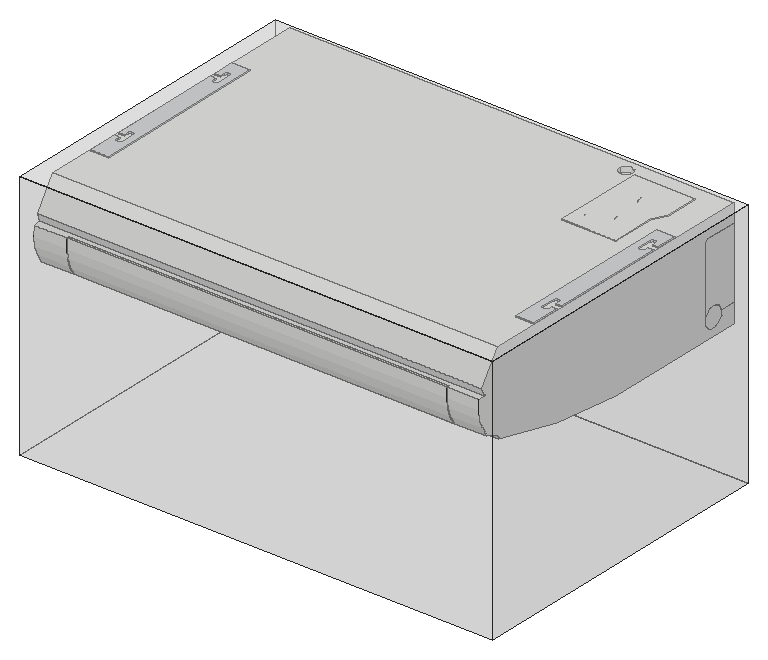
Revit family "outputfile", category 機械設備, Revit 2024
Family settings
  丸型コネクタ寸法 = 半径を使用
  パーツ タイプ = 標準
  OmniClass 番号 = 23.75.10.24.21.27.27
  OmniClass タイトル = Split System Air Conditioning Units
  作業面ベース = いいえ
  常に垂直 = はい
  ロード時にボイドで切り取り = いいえ
  注釈の向きを維持 = いいえ
  共有 = いいえ
  部屋計算ポイント = はい
Parameters (values of type "FHA60BAVMA")
  Description = ""
  製造元 = "Daikin"
  書き出し IFC クラス(タイプ) = "IfcUnitaryEquipmentType"
  定義済み IFC タイプ(タイプ) = "AIRCONDITIONINGUNIT"
  Cost = 0
  モデル = "FHA60BAVMA"
  Type Comments = ""
  Keynote = ""
  Type Image = (empty or 0)
  Assembly Code = ""
  switch_frequency = yes
  r_Liquid Pipe Size = Liquid Pipe Size / 2  # 3.2 mm
  r_Gas Pipe Size = Gas Pipe Size / 2  # 6.35 mm
  r_Drain Pipe Size = Drain Pipe Size / 2  # 10.0 mm
  l_powersupply [instance] = if(Rear Right Connection_powersupply, 29.0 mm, 175.0 mm)  # 29.0 mm
  h_mountinghole = 2.0 mm  # constant formula
  connector_voltage = Voltage_50Hz  # 230 V
  connector_powerinput = [Power Input (Cooling)]  # 1.800 kW
  connector_phase = Phase_50Hz  # 1
  angle_vertical_powersupply [instance] = if(Rear Right Connection_powersupply, 90.00°, 180.00°)  # 90.00°
  angle_vertical_drainpipe [instance] = if(or(Left Connection_drainpipe, Right Connection_drainpipe), 90.00°, if(Top Connection_drainpipe, 180.00°, -90.00°))  # -90.00°
  angle_horizontal_powersupply [instance] = if(Rear Right Connection_powersupply, 180.00°, 0.00°)  # 180.00°
  angle_horizontal_drainpipe [instance] = if(Right Connection_drainpipe, 90.00°, if(Left Connection_drainpipe, -90.00°, 0.00°))  # 0.00°
  Voltage_comment_60Hz = "220-230"
  Voltage_comment_50Hz = "220 - 240"
  Voltage_60Hz = 220 V
  Voltage_50Hz = 230 V
  URL = ""
  Total Heating Capacity [instance] = 0.000 kW
  Top Connection_refrigerant [instance] = no
  Top Connection_powersupply [instance] = not(Rear Right Connection_powersupply)  # no
  Right Connection_refrigerant [instance] = no
  Rear Right Connection_refrigerant [instance] = yes
  Power Input (Heating) = 2.090 kW
  Phase_60Hz = 1
  Phase_50Hz = 1
  Nominal Heating Capacity = 7.100 kW
  Minimum Circuit Amps_60Hz = 0.0 A
  Minimum Circuit Amps_50Hz = 0.0 A
  Maximum Fuse Amps_60Hz = 0.0 A
  Maximum Fuse Amps_50Hz = 0.0 A
  Material_Casing = DAIKIN_White_Casing_indoorunit
  lw_powersupply [instance] = if(Rear Right Connection_powersupply, 220.0 mm, 210.0 mm)  # 220.0 mm
  lw_mountinghole_pitch = Width - 40.0 mm  # 920.0 mm
  lw_mountinghole = 20.0 mm  # constant formula
  lw_liquidpipe [instance] = if(Right Connection_refrigerant, 156.0 mm, if(Top Connection_refrigerant, 156.0 mm, 136.0 mm))  # 136.0 mm
  lw_gaspipe = 105.0 mm  # constant formula
  lw_drainpipe [instance] = if(Top Connection_drainpipe, 102.0 mm, if(Width = 960.0 mm, if(or(Left Connection_drainpipe, Rear Left Connection_drainpipe), 884.0 mm, 83.0 mm), if(Width = 1270.0 mm, if(or(Left Connection_drainpipe, Rear Left Connection_drainpipe), 1194.0 mm, 83.0 mm), if(Width = 1590.0 mm, if(or(Left Connection_drainpipe, Rear Left Connection_drainpipe), 1514.0 mm, 83.0 mm), 83.0 mm))))  # 83.0 mm
  lh_powersupply = 175.0 mm  # constant formula
  lh_liquidpipe [instance] = if(Rear Right Connection_refrigerant, 160.0 mm, 131.0 mm)  # 160.0 mm
  lh_gaspipe [instance] = if(Rear Right Connection_refrigerant, 150.0 mm, 91.0 mm)  # 150.0 mm
  lh_drainpipe = 197.0 mm  # constant formula
  l_antena = 1.0 mm  # constant formula
  ld_powersupply = 30.0 mm  # constant formula
  ld_mountinghole_pitch = 260.0 mm  # constant formula
  ld_mountinghole = 210.0 mm  # constant formula
  ld_liquidpipe [instance] = if(Right Connection_refrigerant, 57.0 mm, if(Top Connection_refrigerant, 189.0 mm, 221.0 mm))  # 221.0 mm
  ld_gaspipe [instance] = if(Right Connection_refrigerant, 57.0 mm, if(Top Connection_refrigerant, 163.0 mm, 214.0 mm))  # 214.0 mm
  ld_drainpipe [instance] = if(or(Left Connection_drainpipe, Right Connection_drainpipe), 57.0 mm, if(Top Connection_drainpipe, 87.0 mm, 268.0 mm))  # 268.0 mm
  l_liquidpipe_length [instance] = if(Right Connection_refrigerant, 156.0 mm, if(Top Connection_refrigerant, 131.0 mm, 220.0 mm))  # 220.0 mm
  l_gaspipe_length [instance] = if(Right Connection_refrigerant, 105.0 mm, if(Top Connection_refrigerant, 91.0 mm, 213.0 mm))  # 213.0 mm
  l_drainpipe_length [instance] = if(Right Connection_drainpipe, 83.0 mm, if(Top Connection_drainpipe, 197.0 mm, if(Left Connection_drainpipe, 76.0 mm, 267.0 mm)))  # 267.0 mm
  h*** = 0.0 mm  # constant formula
  angle_vertical [instance] = if(Right Connection_refrigerant, 90.00°, if(Top Connection_refrigerant, 180.00°, -90.00°))  # -90.00°
  angle_horizontal [instance] = if(Right Connection_refrigerant, 90.00°, 0.00°)  # 0.00°
  Width = 960.0 mm
  Version = "ver.1.0"
  Unit Type = "Ceiling"
  Unit Mass Weight = 25.00 kg
  Unit Designation [instance] = ""
  Uniclass2015Version = "Products v1.30"
  Uniclass2015Title = "Split coil room air conditioning units"
  Uniclass2015Code = "Pr_70_65_03_86"
  Total Cooling Capacity [instance] = 0.000 kW
  Top Connection_drainpipe [instance] = no
  Sound Pressure Level_M speed (dBA) = 35
  Sound Pressure Level_L speed (dBA) = 32
  Sound Pressure Level_H speed (dBA) = 37
  Series = "SkyAir_Fan Coil Unit"
  Sensible Cooling Capacity [instance] = 0.000 kW
  Rear Right Connection_drainpipe [instance] = yes
  Rear Right Connection_powersupply [instance] = yes
  Right Connection_drainpipe [instance] = no
  Refrigerant Type = "R32"
  Power Input (Cooling) = 1.800 kW
  Option Accessory 3 [instance] = ""
  Option Accessory 2 [instance] = ""
  Option Accessory 1 [instance] = ""
  Nominal Cooling Capacity = 6.000 kW
  Minimum Airflow = 600.00 m³/h
  Median Airflow = 720.00 m³/h
  Maximum Airflow = 800.00 m³/h
  Load Classification = HVAC
  Liquid Pipe Size = 6.4 mm
  Link_Nested Family [instance] = ""
  Rear Left Connection_drainpipe [instance] = no
  Left Connection_drainpipe [instance] = no
  IfcVersion = ""
  IfcExportType = "AIRCONDITIONINGUNIT"
  IfcExportAs = "IfcUnitaryEquipmentType"
  Height = 235.0 mm
  Heating Entering Wet Bulb Temperature [instance] = -273.15 °C
  Heating Entering Dry Bulb Temperature [instance] = -273.15 °C
  Heating Ambient Wet Bulb Temperature [instance] = -273.15 °C
  Heating Ambient Dry Bulb Temperature [instance] = -273.15 °C
  Heat Exchanger Type = "Cross Fin Coil"
  Gas Pipe Size = 12.7 mm
  Frequency_60Hz = 60 Hz
  Frequency_50Hz = 50 Hz
  Fan Type = "Sirocco Fan"
  Fan Drive = "-"
  FCU Tag No. [instance] = ""
  Drain Pipe Size = 20.0 mm
  Design Supply Airflow [instance] = 0.00 m³/h
  Design Outdoor Airflow [instance] = 0.00 m³/h
  Depth = 690.0 mm
  既定の高さ = 0.0 mm
  Cooling Entering Wet Bulb Temperature [instance] = 0.00 °C
  Cooling Entering Dry Bulb Temperature [instance] = 0.00 °C
  Cooling Ambient Wet Bulb Temperature [instance] = 0.00 °C
  Cooling Ambient Dry Bulb Temperature [instance] = 0.00 °C
  Clearance visibility [instance] = yes
  Clearance Top = 5.0 mm
  Clearance Right = 30.0 mm
  Clearance Rear = 0.0 mm
  Clearance Left = 30.0 mm
  Clearance Front = 0.0 mm
  Clearance Bottom = 300.0 mm
Reference planes
  plane 1 "Back": y = 0
  plane 2: z = 0
  plane 3 "Center (Left/Right)": x = 0
  plane 4 "Center (Front/Back)": y = -1
  plane 5 "Front": y = -690
  plane 6 "Left": x = -480
  plane 7 "Right": x = 480
  plane 8 "Top": z = 0
  plane 9 "Bottom": z = -235
  plane 10: y = -690
  plane 11: x = -510
  plane 12: x = 510
  plane 13: z = 5
  plane 14: z = -535
  plane 15: y = 0
  plane 16 "lw_mountinghole": x = -460
  plane 17 "lw_mountinghole2": x = 460
  plane 18 "ld_mountinghole": y = -210
  plane 19 "ld_mountinghole2": y = -470
  plane 20 "lw_gaspipe": x = 375
  plane 21 "ld_gaspipe": y = -214
  plane 22 "lh_gaspipe": z = -150
  plane 23 "lw_liquidpipe": x = 344
  plane 24 "ld_liquidpipe": y = -221
  plane 25 "lh_liquidpipe": z = -160
  plane 26 "ld_drainpipe": y = -268
  plane 27 "lw_drainpipe": x = 397
  plane 28 "lh_drainpipe": z = -197
  plane 29 "lw_powersupply": x = 260
  plane 30 "lh_powersupply": z = -175
  plane 31 "ld_powersupply": y = -30
  plane 32: x = -410.5
  plane 33: x = 410.5
  plane 34: x = -435
  plane 35: x = 435
  plane 36: x = -2
  plane 37: x = 2
Forms (mm)
  Extrusion 1, solid, material "DAIKIN_White_Casing_indoorunit" <- "Material_Casing"
    sketch origin (0, 0, 0) x (0, 1, 0) y (0, 0, 1)
      loop
        line (-639.277, 0) -> (-680.876, -61.699) -> (-675.026, -77.772)
        arc (-675.026, -77.772) -> (-681.815, -78.743) -> (-688.601, -79.732) r 2634.132
        arc (-688.601, -79.732) -> (-687.018, -121.096) -> (-669.159, -158.439) r 102.2
        line (-669.159, -158.439) -> (-639.858, -169.325) -> (-635.895, -178.261)
        arc (-635.895, -178.261) -> (-479.121, -215.759) -> (-319.077, -235) r 1400.997
        line (-319.077, -235) -> (-1, -235) -> (-1, 0) -> (-639.277, 0)
    from -480 to 480
  Extrusion 2, solid, material "DAIKIN_White_Casing_indoorunit" <- "Material_Casing"
    sketch origin (0, 0, 0) x (0, 1, 0) y (0, 0, 1)
      loop
        arc (-688.601, -79.732) -> (-687.018, -121.096) -> (-669.159, -158.439) r 102.2
        line (-669.159, -158.439) -> (-665.589, -154.869)
        arc (-665.589, -154.869) -> (-682.432, -118.783) -> (-683.39, -78.971) r 97.2
        arc (-683.39, -78.971) -> (-685.996, -79.351) -> (-688.601, -79.732) r 2634.132
    from -410.5 to 410.5
  Extrusion 3, void
    sketch origin (0, 0, 0) x (0, 1, 0) y (0, 0, 1)
      loop
        line (-301.098, -235) -> (-21.098, -235) -> (-21.098, -230) -> (-301.098, -230) -> (-301.098, -235)
    from -435 to 435
  Extrusion 4, solid, material "DAIKIN_White_Grille_indoorunit"
    sketch origin (0, 0, 0) x (0, 1, 0) y (0, 0, 1)
      loop
        line (-20.098, -230) -> (-301.098, -230) -> (-301.098, -235) -> (-20.098, -235) -> (-20.098, -230)
    from -435 to -2
  Extrusion 5, solid, material "DAIKIN_White_Casing_indoorunit" <- "Material_Casing"
    sketch origin (0, 0, 0) x (1, 0, 0) y (0, 0, 1)
      loop
        line (287, -63) -> (287, -178) -> (358, -220) -> (421, -220) -> (421, -63) -> (287, -63)
    from 0 to 1
  Extrusion 6, solid, material "DAIKIN_White_Casing_indoorunit" <- "Material_Casing"
    sketch origin (0, 0, 0) x (-1, 0, 0) y (0, -1, 0)
      loop
        line (-292, 35) -> (-292, 230) -> (-408, 230) -> (-408, 135) -> (-423, 105) -> (-423, 35) -> (-292, 35)
    from 0 to 1.9
  Extrusion 7, void
    sketch origin (480, 0, 0) x (0, 1, 0) y (0, 0, 1)
      loop
        arc (-79.5, -197) -> (-55.446, -219.446) -> (-34.715, -193.9) r 22.5
        line (-34.715, -193.9) -> (-1, -193.9) -> (-1, -192.1) -> (-35.04, -192.1)
        arc (-35.04, -192.1) -> (-54.942, -174.594) -> (-77.7, -188.182) r 22.5
        line (-77.7, -188.182) -> (-77.7, -45)
        arc (-77.7, -45) -> (-76.528, -42.172) -> (-73.7, -41) r 4
        line (-73.7, -41) -> (-1, -41) -> (-1, -39.2) -> (-73.7, -39.2)
        arc (-73.7, -39.2) -> (-77.801, -40.899) -> (-79.5, -45) r 5.8
        line (-79.5, -45) -> (-79.5, -197)
      loop
        circle (-57, -197) r 20.7
    from 0 to -10
  Extrusion 8, void
    sketch origin (-1444.026, -1, 1200) x (1, 0, 0) y (0, 0, 1)
      loop
        arc (1030.026, -1375) -> (1019.42, -1379.393) -> (1015.026, -1390) r 15
        line (1015.026, -1390) -> (1015.026, -1400)
        arc (1015.026, -1400) -> (1019.42, -1410.607) -> (1030.026, -1415) r 15
        line (1030.026, -1415) -> (1060.026, -1415)
        arc (1060.026, -1415) -> (1070.633, -1410.607) -> (1075.026, -1400) r 15
        line (1075.026, -1400) -> (1075.026, -1390)
        arc (1075.026, -1390) -> (1070.633, -1379.393) -> (1060.026, -1375) r 15
        line (1060.026, -1375) -> (1030.026, -1375)
    from 0 to 10
  Extrusion 9, void
    sketch origin (-480, 0, 0) x (0, 1, 0) y (0, 0, 1)
      loop
        circle (-57, -197) r 22.5
    from 0 to 10
  Extrusion 10, void
    sketch origin (-1444.026, -1, 1200) x (1, 0, 0) y (0, 0, 1)
      loop
        circle (1821.026, -1375) r 44
    from 0 to 10
  Extrusion 11, void
    sketch origin (0, 0, 0) x (-1, 0, 0) y (0, -1, 0)
      loop
        circle (-378, 87) r 30
    from 0 to -10
  Extrusion 12, void
    sketch origin (0, 0, 0) x (-1, 0, 0) y (0, -1, 0)
      loop
        circle (-375, 163) r 18
    from 0 to -10
  Extrusion 13, void
    sketch origin (0, 0, 0) x (-1, 0, 0) y (0, -1, 0)
      loop
        circle (-324, 189) r 13
    from 0 to -10
  Extrusion 14, void
    sketch origin (-1444.026, -1, 1200) x (1, 0, 0) y (0, 0, 1)
      loop
        circle (1704.026, -1375) r 14.5
    from 0 to 10
  Extrusion 15, void
    sketch origin (0, 0, 0) x (-1, 0, 0) y (0, -1, 0)
      loop
        circle (-270, 30) r 14.5
    from 0 to -10
  Extrusion 16, void
    sketch origin (480, 0, 0) x (0, 1, 0) y (0, 0, 1)
      loop
        arc (-665.589, -154.869) -> (-682.432, -118.783) -> (-683.39, -78.971) r 97.2
        arc (-683.39, -78.971) -> (-685.996, -79.351) -> (-688.601, -79.732) r 2634.132
        arc (-688.601, -79.732) -> (-687.018, -121.096) -> (-669.159, -158.439) r 102.2
        line (-669.159, -158.439) -> (-665.589, -154.869)
    from -69.5 to -890.5
  Extrusion 17, solid, material "DAIKIN_White_Casing_indoorunit" <- "Material_Casing"
    sketch origin (-480, 0, 0) x (0, 1, 0) y (0, 0, 1)
      loop
        circle (-57, -197) r 22.5
    from 0 to 10
  Extrusion 18, solid, material "DAIKIN_White_Grille_indoorunit"
    sketch origin (780, 0, 0) x (0, 1, 0) y (0, 0, 1)
      loop
        line (-20.098, -230) -> (-301.098, -230) -> (-301.098, -235) -> (-20.098, -235) -> (-20.098, -230)
    from -782 to -778
  Extrusion 19, solid, material "DAIKIN_White_Grille_indoorunit"
    sketch origin (0, 0, 0) x (0, 1, 0) y (0, 0, -1)
      loop
        line (-20.098, 230) -> (-20.098, 235) -> (-301.098, 235) -> (-301.098, 230) -> (-20.098, 230)
    from -435 to -2
Cuts and joins
  Extrusion 3, Extrusion 7, Extrusion 8, Extrusion 9, Extrusion 10, Extrusion 11, Extrusion 12, Extrusion 13, Extrusion 14, Extrusion 15, Extrusion 16 cuts Extrusion 1
Lines and regions (mm)
  reference lines
    curve 1: line (480, -580.282, -192.75) -> (480, -551.225, -200.21)
Dimensions and locks
  equal spacing: plane 6 "Left", plane 3 "Center (Left/Right)", plane 7 "Right"
  "Width": plane 6 "Left" to plane 7 "Right"
  "Depth": plane 5 "Front" to plane 1 "Back"
  "Height": plane 8 "Top" to plane 9 "Bottom"
  "Clearance Front": plane 10 to plane 5 "Front"
  "Clearance Left": plane 11 to plane 6 "Left"
  "Clearance Right": plane 7 "Right" to plane 12
  "Clearance Top": plane 13 to plane 8 "Top"
  "Clearance Bottom": plane 9 "Bottom" to plane 14
  "Clearance Rear": plane 1 "Back" to plane 15
  locked: plane 4 "Center (Front/Back)" to plane 1 "Back" at 1
  locked: Extrusion 1 sketch curve to Extrusion 1 sketch curve at 235
  locked: Extrusion 1 sketch curve to Extrusion 1 sketch curve at 318.077
  locked: Extrusion 1 sketch curve to Extrusion 1 sketch curve at 1163.297
  locked: Extrusion 1 sketch curve to Extrusion 1 sketch curve at 231.144
  Extrusion 3 sketch curve to Extrusion 3 sketch curve to plane 1 "Back" = 280.0 mm locked, 21.098 mm locked
  "ld_mountinghole": plane 18 "ld_mountinghole" to plane 1 "Back"
  "ld_mountinghole_pitch": plane 18 "ld_mountinghole" to plane 19 "ld_mountinghole2"
  "lw_mountinghole_pitch": plane 16 "lw_mountinghole" to plane 17 "lw_mountinghole2"
  "lw_mountinghole": plane 6 "Left" to plane 16 "lw_mountinghole"
  "lw_gaspipe": plane 20 "lw_gaspipe" to plane 7 "Right"
  "ld_gaspipe": plane 1 "Back" to plane 21 "ld_gaspipe"
  "lw_liquidpipe": plane 23 "lw_liquidpipe" to plane 7 "Right"
  "ld_liquidpipe": plane 1 "Back" to plane 24 "ld_liquidpipe"
  "lw_drainpipe": plane 27 "lw_drainpipe" to plane 7 "Right"
  "ld_drainpipe": plane 26 "ld_drainpipe" to plane 1 "Back"
  plane 8 "Top" to Extrusion 5 sketch curve to Extrusion 5 sketch curve = 63.0 mm locked, 157.0 mm locked
  plane 7 "Right" to Extrusion 5 sketch curve to Extrusion 5 sketch curve = 59.0 mm locked, 134.0 mm locked
  locked: Extrusion 5 sketch curve to Extrusion 5 sketch curve at 115
  locked: Extrusion 5 sketch curve to Extrusion 5 sketch curve at 63
  locked: Extrusion 6 sketch curve to Extrusion 6 sketch curve at 195
  locked: Extrusion 6 sketch curve to Extrusion 6 sketch curve at 116
  locked: Extrusion 6 sketch curve to Extrusion 6 sketch curve at 131
  locked: Extrusion 6 sketch curve to Extrusion 6 sketch curve at 100
  locked: Extrusion 6 sketch curve to plane 1 "Back" at 35
  locked: Extrusion 6 sketch curve to plane 7 "Right" at 57
  locked: Extrusion 8 sketch curve to Extrusion 8 sketch curve at 40
  locked: Extrusion 8 sketch curve to Extrusion 8 sketch curve at 60
  locked: plane 8 "Top" to Extrusion 8 sketch curve at 175
  locked: Extrusion 8 sketch curve to plane 6 "Left" at 51
  locked: plane 7 "Right" to Extrusion 10 sketch curve at 103
  locked: plane 8 "Top" to Extrusion 10 sketch curve at 175
  locked: Extrusion 11 sketch curve to plane 1 "Back" at 87
  locked: Extrusion 11 sketch curve to plane 7 "Right" at 102
  locked: Extrusion 12 sketch curve to plane 1 "Back" at 163
  locked: Extrusion 12 sketch curve to plane 7 "Right" at 105
  locked: Extrusion 13 sketch curve to plane 1 "Back" at 189
  locked: Extrusion 13 sketch curve to plane 7 "Right" at 156
  "lw_powersupply": plane 29 "lw_powersupply" to plane 7 "Right"
  "lh_gaspipe": plane 8 "Top" to plane 22 "lh_gaspipe"
  "lh_liquidpipe": plane 8 "Top" to plane 25 "lh_liquidpipe"
  "lh_powersupply": plane 8 "Top" to plane 30 "lh_powersupply"
  "lh_drainpipe": plane 8 "Top" to plane 28 "lh_drainpipe"
  "ld_powersupply": plane 1 "Back" to plane 31 "ld_powersupply"
  locked: plane 8 "Top" to Extrusion 7 sketch curve at 197
  locked: Extrusion 7 sketch curve to plane 1 "Back" at 57
  plane 9 "Bottom" to Extrusion 7 sketch curve = 41.1 mm
  locked: Extrusion 7 sketch curve to plane 8 "Top" at 41
  locked: Extrusion 7 sketch curve to plane 1 "Back" at 79.5
  locked: Extrusion 9 sketch curve to plane 1 "Back" at 57
  locked: plane 8 "Top" to Extrusion 9 sketch curve at 197
  locked: Extrusion 17 sketch curve to plane 1 "Back" at 57
  locked: plane 8 "Top" to Extrusion 17 sketch curve at 197
  locked: plane 7 "Right" to Extrusion 14 sketch curve at 220
  locked: plane 8 "Top" to Extrusion 14 sketch curve at 175
  locked: Extrusion 15 sketch curve to plane 7 "Right" at 210
  locked: Extrusion 15 sketch curve to plane 1 "Back" at 30
  locked: curve 1 to plane 9 "Bottom" at 34.79
  locked: curve 1 to plane 9 "Bottom" at 42.25
  locked: plane 6 "Left" to plane 32 at 69.5
  locked: plane 33 to plane 7 "Right" at 69.5
  locked: plane 35 to plane 7 "Right" at 45
  locked: plane 6 "Left" to plane 34 at 45
  plane 36 to plane 3 "Center (Left/Right)" to plane 37 = 2.0 mm locked, 2.0 mm locked
  locked: curve 1 to plane 9 "Bottom" (angle 14.40°)
  aligned and locked: level to plane 2
  aligned and locked: nested 1 to plane 11
  aligned and locked: nested 1 to plane 12
  aligned and locked: nested 1 to plane 10
  aligned and locked: plane 13 to nested 1
  aligned and locked: plane 14 to nested 1
  aligned and locked: plane 15 to nested 1
  aligned and locked: Extrusion 1 sketch curve to plane 8 "Top"
  aligned and locked: Extrusion 2 sketch curve to Extrusion 1  (x2)
  aligned and locked: plane 7 "Right" to Extrusion 1
  aligned and locked: Extrusion 1 to plane 6 "Left"
  aligned and locked: cut or joined group 1 (Extrusion 1, Extrusion 3, Extrusion 7, Extrusion 8, Extrusion 9, Extrusion 10, Extrusion 11, Extrusion 12, Extrusion 13, Extrusion 14, Extrusion 15, Extrusion 16) to Extrusion 3 sketch curve
  aligned and locked: cut or joined group 1 to Extrusion 4 sketch curve
  aligned and locked: Extrusion 5 to plane 4 "Center (Front/Back)"
  aligned and locked: Extrusion 7 sketch curve to plane 4 "Center (Front/Back)"
  aligned and locked: Extrusion 16 sketch curve to Extrusion 2  (x4)
  aligned and locked: Extrusion 16 to Extrusion 2  (x2)
  aligned and locked: nested 2 to plane 26 "ld_drainpipe"
  aligned and locked: plane 27 "lw_drainpipe" to nested 2
  aligned and locked: plane 20 "lw_gaspipe" to nested 3
  aligned and locked: nested 3 to plane 21 "ld_gaspipe"
  aligned and locked: plane 23 "lw_liquidpipe" to nested 4
  aligned and locked: nested 4 to plane 24 "ld_liquidpipe"
  aligned and locked: plane 25 "lh_liquidpipe" to nested 4
  aligned and locked: nested 5 to plane 31 "ld_powersupply"
  aligned and locked: plane 29 "lw_powersupply" to nested 5
  aligned and locked: nested 7 to plane 18 "ld_mountinghole"
  aligned and locked: plane 16 "lw_mountinghole" to nested 7
  aligned and locked: nested 6 to plane 19 "ld_mountinghole2"
  aligned and locked: plane 16 "lw_mountinghole" to nested 6
  aligned and locked: nested 9 to plane 18 "ld_mountinghole"
  aligned and locked: plane 17 "lw_mountinghole2" to nested 9
  aligned and locked: plane 17 "lw_mountinghole2" to nested 8
  aligned and locked: nested 8 to plane 19 "ld_mountinghole2"
  aligned and locked: nested 10 to curve 1
  aligned and locked: level to plane 8 "Top"
  aligned and locked: cut or joined group 1 to plane 32
  aligned and locked: plane 33 to cut or joined group 1
  aligned and locked: Extrusion 16 to plane 32
  aligned and locked: plane 33 to Extrusion 16
  aligned and locked: Extrusion 4 to plane 34
  aligned and locked: cut or joined group 1 to plane 34
  aligned and locked: plane 34 to Extrusion 4  (x3)
  aligned and locked: plane 16 "lw_mountinghole" to nested 11
  aligned and locked: plane 17 "lw_mountinghole2" to nested 12
  aligned and locked: plane 36 to Extrusion 4
  aligned and locked: Extrusion 18 to plane 36
  aligned and locked: plane 37 to Extrusion 18
  aligned and locked: Extrusion 19 to plane 37
  aligned and locked: plane 37 to Extrusion 19
  aligned and locked: plane 35 to Extrusion 19
  aligned and locked: plane 35 to Extrusion 3
  aligned and locked: Extrusion 4 to cut or joined group 1
  aligned and locked: cut or joined group 1 to Extrusion 18
  aligned and locked: cut or joined group 1 to Extrusion 19
Automatic sketch dimensions
  Extrusion 1 sketch curve to plane 4 "Center (Front/Back)" = 0.0 mm
  Extrusion 1 sketch curve to plane 5 "Front" = 102.2 mm
  Extrusion 1 sketch curve to plane 30 "lh_powersupply" = 3.261 mm
  Extrusion 1 sketch curve to plane 5 "Front" = 50.723 mm
  plane 30 "lh_powersupply" to Extrusion 1 sketch curve = 5.675 mm
  Extrusion 1 sketch curve to Extrusion 1 sketch curve = 3.963 mm
  plane 25 "lh_liquidpipe" to Extrusion 1 sketch curve = 1.561 mm
  Extrusion 1 sketch curve to plane 5 "Front" = 20.841 mm
  Extrusion 1 sketch curve to plane 5 "Front" = 14.974 mm
  Extrusion 1 sketch curve to plane 5 "Front" = 9.124 mm
  Extrusion 1 sketch curve to plane 26 "ld_drainpipe" = 37.278 mm
  Extrusion 1 sketch curve to plane 14 = 2150.825 mm
  plane 22 "lh_gaspipe" to Extrusion 1 sketch curve = 53.413 mm
  Extrusion 1 sketch curve to level = 77.772 mm
  Extrusion 1 sketch curve to Extrusion 1 sketch curve = 16.072 mm
  Extrusion 2 sketch curve to Extrusion 2 sketch curve = 0.0 mm  (x2)
  plane 25 "lh_liquidpipe" to Extrusion 2 sketch curve = 1.561 mm
  Extrusion 2 sketch curve to plane 22 "lh_gaspipe" = 4.869 mm
  Extrusion 2 sketch curve to Extrusion 2 sketch curve = 3.57 mm
  Extrusion 3 sketch curve to Extrusion 3 sketch curve = 5.0 mm
  plane 31 "ld_powersupply" to Extrusion 4 sketch curve = 9.902 mm
  Extrusion 4 sketch curve to Extrusion 4 sketch curve = 5.0 mm
  Extrusion 6 sketch curve to Extrusion 6 sketch curve = 30.0 mm
  Extrusion 7 sketch curve to Extrusion 7 sketch curve = 0.0 mm  (x6)
  Extrusion 7 sketch curve to plane 4 "Center (Front/Back)" = 0.0 mm
  Extrusion 7 sketch curve to Extrusion 7 sketch curve = 1.8 mm  (x2)
  Extrusion 7 sketch curve to Extrusion 7 sketch curve = 4.0 mm
  Extrusion 7 sketch curve to Extrusion 7 sketch curve = 0.325 mm
  Extrusion 8 sketch curve to plane 32 = 3.5 mm  (x2)
  Extrusion 8 sketch curve to plane 28 "lh_drainpipe" = 3.0 mm
  Extrusion 8 sketch curve to Extrusion 8 sketch curve = 15.0 mm
  curve 1 to plane 5 "Front" = 109.718 mm
  Extrusion 18 sketch curve to plane 9 "Bottom" = 0.0 mm
  plane 9 "Bottom" to Extrusion 18 sketch curve = 5.0 mm
  Extrusion 18 sketch curve to plane 26 "ld_drainpipe" = 33.098 mm
  plane 31 "ld_powersupply" to Extrusion 18 sketch curve = 9.902 mm
  Extrusion 19 sketch curve to plane 9 "Bottom" = 0.0 mm
  plane 9 "Bottom" to Extrusion 19 sketch curve = 5.0 mm
  Extrusion 19 sketch curve to plane 26 "ld_drainpipe" = 33.098 mm
  plane 31 "ld_powersupply" to Extrusion 19 sketch curve = 9.902 mm
  Extrusion 4 sketch curve to plane 26 "ld_drainpipe" = 33.098 mm
  radius of Extrusion 7 sketch curve = 20.7 mm
  radius of Extrusion 9 sketch curve = 22.5 mm
  radius of Extrusion 10 sketch curve = 44.0 mm
  radius of Extrusion 11 sketch curve = 30.0 mm
  radius of Extrusion 12 sketch curve = 18.0 mm
  radius of Extrusion 13 sketch curve = 13.0 mm
  radius of Extrusion 14 sketch curve = 14.5 mm
  radius of Extrusion 15 sketch curve = 14.5 mm
  radius of Extrusion 17 sketch curve = 22.5 mm
Nested families
  nested 1: "daikin_clearancespace" at (0, -345, -264.881), visible <- "Clearance visibility", show <- "Clearance visibility", Link_Nested Family <- "Link_Nested Family", type "daikin_clearancespace"
    with width 1020.0 mm, show yes, height 540.0 mm, depth 690.0 mm, Link_Nested Family ""
  nested 2: "daikin_connector_rotate3" at (397, -268, -197), radius <- "r_Drain Pipe Size", angle_vertical <- "angle_vertical_drainpipe", angle_horizontal <- "angle_horizontal_drainpipe", length <- "l_drainpipe_length", type "daikin_connector_rotate3"
    with show no, radius 10.0 mm, length 267.0 mm, angle_vertical -90.00°, angle_horizontal 0.00°
  nested 3: "daikin_connector_rotate3" at (375, -214, -150), radius <- "r_Gas Pipe Size", angle_vertical <- "angle_vertical", angle_horizontal <- "angle_horizontal", length <- "l_gaspipe_length", type "daikin_connector_rotate3"
    with show no, radius 6.35 mm, length 213.0 mm, angle_vertical -90.00°, angle_horizontal 0.00°
  nested 4: "daikin_connector_rotate3" at (344, -221, -160), radius <- "r_Liquid Pipe Size", angle_vertical <- "angle_vertical", angle_horizontal <- "angle_horizontal", length <- "l_liquidpipe_length", type "daikin_connector_rotate3"
    with show no, radius 3.2 mm, length 220.0 mm, angle_vertical -90.00°, angle_horizontal 0.00°
  nested 5: "daikin_connector_rotate3" at (260, -30, -175), length <- "l_powersupply", angle_vertical <- "angle_vertical_powersupply", angle_horizontal <- "angle_horizontal_powersupply", type "daikin_connector_rotate3"
    with show no, radius 10.0 mm, length 29.0 mm, angle_vertical 90.00°, angle_horizontal 180.00°
  nested 6: "daikin_mountinghole" at (-460, -470, 0), l_antenna <- "l_antena", Link_Nested Family <- "Link_Nested Family", h_mountinghole <- "h_mountinghole", type "daikin_mountinghole"
    with show yes, l_antenna 1.0 mm, h_mountinghole 2.0 mm, Link_Nested Family ""
  nested 7: "daikin_mountinghole" at (-460, -210, 0), l_antenna <- "l_antena", Link_Nested Family <- "Link_Nested Family", h_mountinghole <- "h_mountinghole", type "daikin_mountinghole"
    with show yes, l_antenna 1.0 mm, h_mountinghole 2.0 mm, Link_Nested Family ""
  nested 8: "daikin_mountinghole" at (460, -470, 0), l_antenna <- "l_antena", Link_Nested Family <- "Link_Nested Family", h_mountinghole <- "h_mountinghole", type "daikin_mountinghole"
    with show yes, l_antenna 1.0 mm, h_mountinghole 2.0 mm, Link_Nested Family ""
  nested 9: "daikin_mountinghole" at (460, -210, 0), Link_Nested Family <- "Link_Nested Family", l_antenna <- "l_antena", h_mountinghole <- "h_mountinghole", type "daikin_mountinghole"
    with show yes, l_antenna 1.0 mm, h_mountinghole 2.0 mm, Link_Nested Family ""
  nested 10: "daikin_logo_plane_w40" at (332.963, -559.801, -198.008) x (1, 0, 0) z (0, -0.2487, -0.9686), type "daikin_logo_plane_w40"
    with show_logo yes
  nested 11: "daikin_hangerfixture_FHA-BAVMA" at (-460, 0, 0), type "daikin_hangerfixture_FHA-BAVMA"
    with width 38.0 mm, height 2.0 mm, depth 380.0 mm
  nested 12: "daikin_hangerfixture_FHA-BAVMA" at (460, 0, 0) x (-1, 0, 0) z (0, 0, 1), type "daikin_hangerfixture_FHA-BAVMA"
    with width 38.0 mm, height 2.0 mm, depth 380.0 mm
Connectors
  piping at (397, -1, -197), diameter 20, driven by "r_Drain Pipe Size"
    settings: on nested 2, index 1, connector inside diameter 609.6 mm, connector length 0.0 mm, flow factor 0, pipe flow 0.00 m³/h, pressure drop 0.0 Pa, fitting loss kfactor 0, connector angle 0.00°, fixture units 0, engagement length 0.0 mm, angle of deflection 0.00°, flow configuration 1, flow direction 2, fitting loss method 4, system type 16, joint type 0, gender type 0, connector reference index -1, connector utility 0, adjustable connector no, is connector primary yes, connector description "Condensate Drain Piping"
  piping at (375, -1, -150), diameter 12.7, driven by "r_Gas Pipe Size"
    settings: on nested 3, index 3, connector inside diameter 609.6 mm, connector length 0.0 mm, flow factor 0, pipe flow 0.00 m³/h, pressure drop 0.0 Pa, fitting loss kfactor 0, connector angle 0.00°, fixture units 0, engagement length 0.0 mm, angle of deflection 0.00°, flow configuration 1, flow direction 2, fitting loss method 0, system type 29, joint type 0, gender type 0, connector reference index -1, connector utility 0, adjustable connector no, is connector primary no, connector description "Refrigerant Gas Piping"
  piping at (344, -1, -160), diameter 6.4, driven by "r_Liquid Pipe Size"
    settings: on nested 4, index 4, connector inside diameter 609.6 mm, connector length 0.0 mm, flow factor 0, pipe flow 0.00 m³/h, pressure drop 0.0 Pa, fitting loss kfactor 0, connector angle 0.00°, fixture units 0, engagement length 0.0 mm, angle of deflection 0.00°, flow configuration 1, flow direction 1, fitting loss method 0, system type 29, joint type 0, gender type 0, connector reference index -1, connector utility 0, adjustable connector no, is connector primary no, connector description "Refrigerant Liquid Piping"
  electrical at (260, -1, -175), driven by "Load Classification", driven by "connector_powerinput", driven by "connector_phase", driven by "connector_voltage"
    settings: on nested 5, index 6, voltage 230 V, apparent load 1800 VA, apparent load phase1 0 VA, apparent load phase2 0 VA, apparent load phase3 0 VA, power factor 1, load classification "HVAC", number of poles 1, system type 30, power factor state 1, is connector primary yes, connector utility no, sub classification motor no, connector description "Power Supply"
Definition of nested family "daikin_clearancespace"
  Parameters (values of type "daikin_clearancespace")
    Description = "daikin_clearancespace"
    width [instance] = 1823.963 mm
    show [instance] = yes
    material = none
    height [instance] = 1359.762 mm
    depth [instance] = 880.0 mm
    Default Elevation = 0.0 mm
    Link_Nested Family [instance] = ""
  Reference planes
    plane 1 "Center (Front/Back)": y = 0
    plane 2 "Center (Elevation)": z = -0.119
    plane 3 "Center (Left/Right)": x = 0
    plane 4: y = 440
    plane 5: y = -440
    plane 6 "Right": x = 911.982
    plane 7 "Left": x = -911.982
    plane 8 "Top": z = 679.762
    plane 9 "Bottom": z = -680
  Forms (mm)
    Extrusion 1, solid, material <- "material", visible <- "show"
      sketch origin (0, 0, 0) x (1, 0, 0) y (0, 1, 0)
        loop
          line (-911.982, 440) -> (-911.982, -440) -> (911.982, -440) -> (911.982, 440) -> (-911.982, 440)
      from -680 to 679.762
  Lines and regions (mm)
    symbolic lines, visible <- "show"
      curve 1: line (911.982, 440, 0) -> (-911.982, 440, 0)
      curve 2: line (-911.982, 440, 0) -> (-911.982, -440, 0)
      curve 3: line (-911.982, -440, 0) -> (911.982, -440, 0)
      curve 4: line (911.982, -440, 0) -> (911.982, 440, 0)
      curve 5: line (911.982, 0, 679.762) -> (-911.982, 0, 679.762)
      curve 6: line (911.982, 0, -680) -> (911.982, 0, 679.762)
      curve 7: line (-911.982, 0, -680) -> (911.982, 0, -680)
      curve 8: line (-911.982, 0, 679.762) -> (-911.982, 0, -680)
      curve 9: line (0, 440, 679.762) -> (0, -440, 679.762)
      curve 10: line (0, -440, 679.762) -> (0, -440, -680)
      curve 11: line (0, 440, -680) -> (0, 440, 679.762)
      curve 12: line (0, -440, -680) -> (0, 440, -680)
  Dimensions and locks
    "width": plane 7 "Left" to plane 6 "Right"
    "depth": plane 4 to plane 5
    "height": plane 8 "Top" to plane 9 "Bottom"
    equal spacing: plane 7 "Left", plane 3 "Center (Left/Right)", plane 6 "Right"
    equal spacing: plane 4, plane 1 "Center (Front/Back)", plane 5
    equal spacing: plane 8 "Top", plane 2 "Center (Elevation)", plane 9 "Bottom"
    aligned and locked: level to plane 2 "Center (Elevation)"
    aligned and locked: Extrusion 1 sketch curve to plane 4
    aligned and locked: plane 7 "Left" to Extrusion 1 sketch curve
    aligned and locked: Extrusion 1 sketch curve to plane 5
    aligned and locked: Extrusion 1 sketch curve to plane 6 "Right"
    aligned and locked: plane 8 "Top" to Extrusion 1
    aligned and locked: curve 1 to Extrusion 1
    aligned and locked: curve 2 to Extrusion 1
    aligned and locked: curve 3 to Extrusion 1
    aligned and locked: curve 4 to Extrusion 1
    aligned and locked: curve 5 to Extrusion 1
    aligned and locked: curve 6 to Extrusion 1
    aligned and locked: curve 7 to Extrusion 1
    aligned and locked: curve 8 to Extrusion 1
    aligned and locked: curve 9 to Extrusion 1
    aligned and locked: curve 10 to Extrusion 1
    aligned and locked: curve 11 to Extrusion 1
    aligned and locked: curve 12 to Extrusion 1
    aligned and locked: Extrusion 1 to plane 9 "Bottom"
Definition of nested family "daikin_logo_plane_w40"
  Parameters (values of type "daikin_logo_plane_w40")
    width = 40.0 mm
    show_logo [instance] = yes
    material = none
    height = 0.0 mm
    depth = 0.0 mm
    Default Elevation = 1219.2 mm
  Reference planes
    plane 1 "Center (Front/Back)": y = 0
    plane 2: z = 0
    plane 3 "Center (Left/Right)": x = 0
    plane 4: z = 2
    plane 5 "left": x = -19
    plane 6: x = 19
  Forms (mm)
    Extrusion 1, solid, visible <- "show_logo"
      sketch origin (-19, 0, 0) x (1, 0, 0) y (0, 1, 0)
        loop
          line (8.902, -1.878) -> (7.789, -6.332) -> (11.13, -6.332)
          arc (11.13, -6.332) -> (12.454, -6.064) -> (13.472, -5.176) r 2.642
          arc (13.472, -5.176) -> (13.92, -4.02) -> (13.767, -2.79) r 2.537
          arc (13.767, -2.79) -> (13.452, -2.342) -> (12.982, -2.06) r 1.321
          arc (12.982, -2.06) -> (12.063, -1.902) -> (11.13, -1.878) r 6.479
          line (11.13, -1.878) -> (8.902, -1.878)
        loop
          line (10.016, -5.441) -> (10.907, -5.441)
          arc (10.907, -5.441) -> (11.591, -4.983) -> (11.988, -4.261) r 1.742
          spline (11.988, -4.261) -> (12.01, -4.155) -> (12.027, -4.03) -> (12.037, -3.893) -> (12.037, -3.747) -> (12.026, -3.598) -> (12.002, -3.451) -> (11.962, -3.31) -> (11.905, -3.181) -> (11.829, -3.069) -> (11.731, -2.978) -> (11.61, -2.913) -> (11.464, -2.88)
          line (11.464, -2.88) -> (10.573, -2.88) -> (10.016, -5.441)
        loop
          line (13.58, -6.332) -> (14.805, -6.332) -> (15.223, -5.553) -> (16.977, -5.553) -> (17.144, -6.332) -> (19.149, -6.332) -> (18.258, -1.878) -> (16.03, -1.878) -> (13.58, -6.332)
        loop
          line (16.476, -3.214) -> (15.76, -4.551) -> (16.762, -4.551) -> (16.476, -3.214)
        loop
          line (19.705, -6.332) -> (21.599, -6.332) -> (22.712, -1.878) -> (20.819, -1.878) -> (19.705, -6.332)
        loop
          line (22.712, -6.332) -> (24.606, -6.332) -> (24.908, -5.122) -> (25.831, -6.332) -> (28.17, -6.332) -> (26.388, -3.994) -> (28.949, -1.878) -> (26.945, -1.878) -> (25.401, -3.153) -> (25.719, -1.878) -> (23.826, -1.878) -> (22.712, -6.332)
        loop
          line (29.84, -1.878) -> (28.615, -6.332) -> (30.62, -6.332) -> (31.734, -1.878) -> (29.84, -1.878)
        loop
          line (31.734, -6.332) -> (33.07, -6.332) -> (33.7, -3.814) -> (34.518, -6.332) -> (36.745, -6.332) -> (37.859, -1.878) -> (36.523, -1.878) -> (35.845, -4.589) -> (34.963, -1.878) -> (32.847, -1.878) -> (31.734, -6.332)
      from 0 to 2
    Extrusion 2, solid, visible <- "show_logo"
      sketch origin (-19, 0, 0) x (1, 0, 0) y (0, 1, 0)
        loop
          line (8.7, 0) -> (4.235, 0) -> (0, -3.879) -> (0, -8) -> (8.7, 0)
      from 0 to 2
    Extrusion 3, solid, visible <- "show_logo"
      sketch origin (-19, 0, 0) x (1, 0, 0) y (0, 1, 0)
        loop
          line (0, 0) -> (0, -3.879) -> (4.235, 0) -> (0, 0)
      from 0 to 2
  Dimensions and locks
    plane 4 to plane 2 = 2.0 mm
    equal spacing: plane 5 "left", plane 3 "Center (Left/Right)", plane 6
    locked: plane 5 "left" to plane 6 at 38
    aligned and locked: level to plane 2
    aligned and locked: Extrusion 3 to plane 1 "Center (Front/Back)"  (x2)
    aligned and locked: Extrusion 2 to plane 1 "Center (Front/Back)"  (x2)
    aligned and locked: plane 4 to Extrusion 1
    aligned and locked: plane 4 to Extrusion 3
    aligned and locked: plane 4 to Extrusion 2
    aligned and locked: Extrusion 3 to plane 5 "left"
    aligned and locked: Extrusion 2 to plane 5 "left"
  Automatic sketch dimensions
    Extrusion 1 sketch curve to Extrusion 1 sketch curve = 0.901 mm
    Extrusion 1 sketch curve to Extrusion 1 sketch curve = 1.559 mm
    Extrusion 1 sketch curve to Extrusion 1 sketch curve = 1.327 mm
    Extrusion 1 sketch curve to Extrusion 1 sketch curve = 2.145 mm
    Extrusion 1 sketch curve to Extrusion 1 sketch curve = 1.448 mm
    Extrusion 1 sketch curve to Extrusion 1 sketch curve = 2.116 mm
    Extrusion 1 sketch curve to Extrusion 1 sketch curve = 1.114 mm  (x4)
    Extrusion 1 sketch curve to Extrusion 1 sketch curve = 1.336 mm  (x2)
    plane 1 "Center (Front/Back)" to Extrusion 1 sketch curve = 1.878 mm  (x5)
    Extrusion 1 sketch curve to Extrusion 1 sketch curve = 1.893 mm  (x5)
    Extrusion 1 sketch curve to Extrusion 1 sketch curve = 0.891 mm  (x4)
    Extrusion 1 sketch curve to Extrusion 1 sketch curve = 2.005 mm  (x3)
    Extrusion 1 sketch curve to Extrusion 1 sketch curve = 0.445 mm  (x2)
    plane 1 "Center (Front/Back)" to Extrusion 1 sketch curve = 3.994 mm
    Extrusion 1 sketch curve to Extrusion 1 sketch curve = 0.557 mm  (x2)
    Extrusion 1 sketch curve to Extrusion 1 sketch curve = 2.339 mm  (x2)
    Extrusion 1 sketch curve to Extrusion 1 sketch curve = 1.225 mm  (x3)
    plane 1 "Center (Front/Back)" to Extrusion 1 sketch curve = 3.153 mm
    Extrusion 1 sketch curve to Extrusion 1 sketch curve = 0.987 mm
    plane 1 "Center (Front/Back)" to Extrusion 1 sketch curve = 5.122 mm
    Extrusion 1 sketch curve to Extrusion 1 sketch curve = 0.922 mm
    plane 1 "Center (Front/Back)" to Extrusion 1 sketch curve = 6.332 mm
    Extrusion 1 sketch curve to Extrusion 1 sketch curve = 2.562 mm
    plane 1 "Center (Front/Back)" to Extrusion 1 sketch curve = 5.553 mm
    Extrusion 1 sketch curve to Extrusion 1 sketch curve = 0.167 mm
    Extrusion 1 sketch curve to Extrusion 1 sketch curve = 0.215 mm
    plane 1 "Center (Front/Back)" to Extrusion 1 sketch curve = 3.214 mm
    Extrusion 1 sketch curve to Extrusion 1 sketch curve = 0.286 mm
    plane 1 "Center (Front/Back)" to Extrusion 1 sketch curve = 4.551 mm
    Extrusion 1 sketch curve to Extrusion 1 sketch curve = 1.002 mm
    Extrusion 1 sketch curve to Extrusion 1 sketch curve = 0.537 mm
    Extrusion 1 sketch curve to Extrusion 1 sketch curve = 0.418 mm
    Extrusion 1 sketch curve to Extrusion 1 sketch curve = 1.028 mm
    plane 1 "Center (Front/Back)" to Extrusion 1 sketch curve = 4.261 mm
    Extrusion 1 sketch curve to Extrusion 1 sketch curve = 0.563 mm
    plane 1 "Center (Front/Back)" to Extrusion 1 sketch curve = 2.88 mm
    Extrusion 1 sketch curve to Extrusion 1 sketch curve = 1.088 mm
    Extrusion 1 sketch curve to Extrusion 1 sketch curve = 2.152 mm
    Extrusion 1 sketch curve to Extrusion 1 sketch curve = 0.586 mm
    Extrusion 1 sketch curve to Extrusion 1 sketch curve = 0.118 mm
    Extrusion 1 sketch curve to Extrusion 1 sketch curve = 0.298 mm
    Extrusion 1 sketch curve to Extrusion 1 sketch curve = 0.334 mm
    Extrusion 1 sketch curve to Extrusion 1 sketch curve = 0.223 mm
    Extrusion 1 sketch curve to Extrusion 1 sketch curve = 0.266 mm
    Extrusion 1 sketch curve to Extrusion 1 sketch curve = 1.671 mm
    Extrusion 1 sketch curve to Extrusion 1 sketch curve = 2.227 mm
    Extrusion 1 sketch curve to Extrusion 1 sketch curve = 0.0 mm  (x7)
    Extrusion 1 sketch curve to Extrusion 1 sketch curve = 3.453 mm
    Extrusion 1 sketch curve to Extrusion 1 sketch curve = 2.017 mm
    Extrusion 1 sketch curve to Extrusion 1 sketch curve = 0.78 mm  (x2)
    Extrusion 1 sketch curve to Extrusion 1 sketch curve = 1.743 mm
    Extrusion 1 sketch curve to Extrusion 1 sketch curve = 0.775 mm
    Extrusion 1 sketch curve to Extrusion 1 sketch curve = 0.552 mm
    Extrusion 1 sketch curve to Extrusion 1 sketch curve = 0.014 mm
    Extrusion 1 sketch curve to Extrusion 1 sketch curve = 0.952 mm
    Extrusion 1 sketch curve to Extrusion 1 sketch curve = 1.215 mm
    Extrusion 1 sketch curve to Extrusion 1 sketch curve = 0.108 mm
    plane 1 "Center (Front/Back)" to Extrusion 2 sketch curve = 0.0 mm
    Extrusion 2 sketch curve to plane 3 "Center (Left/Right)" = 19.0 mm
    Extrusion 2 sketch curve to plane 3 "Center (Left/Right)" = 14.765 mm
    Extrusion 2 sketch curve to Extrusion 2 sketch curve = 4.465 mm
    plane 1 "Center (Front/Back)" to Extrusion 2 sketch curve = 3.879 mm
    Extrusion 2 sketch curve to Extrusion 2 sketch curve = 4.12 mm
    plane 1 "Center (Front/Back)" to Extrusion 3 sketch curve = 0.0 mm
    Extrusion 3 sketch curve to plane 3 "Center (Left/Right)" = 19.0 mm
    Extrusion 3 sketch curve to plane 3 "Center (Left/Right)" = 14.765 mm
    plane 1 "Center (Front/Back)" to Extrusion 3 sketch curve = 3.879 mm
    Extrusion 1 sketch curve to plane 3 "Center (Left/Right)" = 11.211 mm
    Extrusion 1 sketch curve to Extrusion 1 sketch curve = 1.782 mm
Definition of nested family "daikin_hangerfixture_FHA-BAVMA"
  Parameters (values of type "daikin_hangerfixture_FHA-CV2S")
    width = 44.0 mm
    material = none
    height = 155.0 mm
    depth = 33.0 mm
    Default Elevation = 0.0 mm
  Reference planes
    plane 1 "Center (Front/Back)": y = 0
    plane 2: z = 0
    plane 3 "Center (Left/Right)": x = 0
    plane 4: z = -2.3
    plane 5: z = -155
    plane 6: z = -12
  Forms (mm)
    Extrusion 1, solid
      sketch origin (0, 0, 0) x (1, 0, 0) y (0, 1, 0)
        loop
          line (20, -159) -> (-18, -159) -> (-18, -204) -> (-6, -204) -> (-6, -196)
          arc (-6, -196) -> (0, -190) -> (6, -196) r 6
          line (6, -196) -> (6, -224)
          arc (6, -224) -> (0, -230) -> (-6, -224) r 6
          line (-6, -224) -> (-6, -216) -> (-18, -216) -> (-18, -464) -> (-6, -464) -> (-6, -456)
          arc (-6, -456) -> (0, -450) -> (6, -456) r 6
          line (6, -456) -> (6, -484)
          arc (6, -484) -> (0, -490) -> (-6, -484) r 6
          line (-6, -484) -> (-6, -476) -> (-18, -476) -> (-18, -539) -> (20, -539) -> (20, -159)
      from 0 to 2
  Dimensions and locks
    plane 2 to plane 4 = 2.3 mm
    "height": plane 2 to plane 5
    locked: plane 2 to plane 6 at 12
    aligned and locked: level to plane 2
  Automatic sketch dimensions
    plane 3 "Center (Left/Right)" to Extrusion 1 sketch curve = 20.0 mm
    plane 1 "Center (Front/Back)" to Extrusion 1 sketch curve = 159.0 mm
    Extrusion 1 sketch curve to plane 3 "Center (Left/Right)" = 18.0 mm
    Extrusion 1 sketch curve to Extrusion 1 sketch curve = 380.0 mm
    Extrusion 1 sketch curve to Extrusion 1 sketch curve = 63.0 mm
    Extrusion 1 sketch curve to plane 3 "Center (Left/Right)" = 0.0 mm  (x4)
    plane 3 "Center (Left/Right)" to Extrusion 1 sketch curve = 6.0 mm
    Extrusion 1 sketch curve to Extrusion 1 sketch curve = 8.0 mm  (x4)
    Extrusion 1 sketch curve to Extrusion 1 sketch curve = 20.0 mm  (x2)
    Extrusion 1 sketch curve to Extrusion 1 sketch curve = 0.0 mm  (x2)
    Extrusion 1 sketch curve to Extrusion 1 sketch curve = 57.0 mm
    Extrusion 1 sketch curve to plane 3 "Center (Left/Right)" = 6.0 mm
Definition of nested family "daikin_connector_rotate3"
  Parameters (values of type "daikin_connector_rotate3")
    show [instance] = yes
    radius [instance] = 10.0 mm
    length [instance] = 600.0 mm
    angle_horizontal [instance] = 60.00°
    angle_vertical [instance] = 90.00°
    Default Elevation = 1219.2 mm
  Reference planes
    plane 1 "Center (Front/Back)": y = 0
    plane 2: z = 0
    plane 3 "Center (Left/Right)": x = 0
  Dimensions and locks
    "angle_horizontal": angle plane 3 "Center (Left/Right)" to nested 1
    aligned and locked: level to plane 2
    aligned and locked: plane 1 "Center (Front/Back)" to nested 1  (x2)
    aligned and locked: plane 3 "Center (Left/Right)" to nested 1
  Nested families
    nested 1: "daikin_connector_rotate2" at (0, 0, 0) x (0.5, 0.866, 0) z (0, 0, 1), angle_vertical <- "angle_vertical", length <- "length", radius <- "radius", type "daikin_connector_rotate2"
      with radius 10.0 mm, length 600.0 mm, angle_vertical 90.00°
  Definition of nested family "daikin_connector_rotate2"
    Parameters (values of type "daikin_connector_rotate2")
      show_face = yes
      radius [instance] = 10.0 mm
      length [instance] = 600.0 mm
      d_surface = 10.0 mm
      angle_vertical [instance] = 90.00°
      Default Elevation = 0.0 mm
    Reference planes
      plane 1 "Center (Front/Back)": y = 0
      plane 2: z = 0
      plane 3 "Center (Left/Right)": x = 0
    Forms (mm)
      Extrusion 1, solid, visible <- "show_face"
        sketch origin (0, -600, 0) x (1, 0, 0) y (0, 0, 1)
          loop
            circle (0, 0) r 10
        from 0 to -10
    Lines and regions (mm)
      reference lines
        curve 1: line (0, 0, 0) -> (0, -600, 0)
      symbolic lines
        curve 2: circle (0, 0, 0) r 5 normal (0, 0, 1)
      model lines, visible <- "show_face"
        curve 3: line (0, 0, 0) -> (0, -600, 0)
    Dimensions and locks
      "length": curve 1 to curve 1
      "length": curve 3 to curve 3
      "d_surface": Extrusion 1 to Extrusion 1
      "radius": radius of Extrusion 1 sketch curve
      "angle_vertical": angle curve 1 to plane 1 "Center (Front/Back)"
      "angle_vertical": angle curve 3 to plane 1 "Center (Front/Back)"
      aligned and locked: level to plane 2
      aligned and locked: plane 1 "Center (Front/Back)" to curve 1
      aligned and locked: plane 2 to curve 1
      aligned and locked: plane 1 "Center (Front/Back)" to curve 2
      aligned and locked: plane 3 "Center (Left/Right)" to curve 2
      aligned and locked: plane 1 "Center (Front/Back)" to curve 3
      aligned and locked: plane 2 to curve 3
      aligned and locked: Extrusion 1 to Extrusion 1
    Automatic sketch dimensions
      Extrusion 1 sketch curve to level = 0.0 mm
      Extrusion 1 sketch curve to plane 3 "Center (Left/Right)" = 0.0 mm
      radius of curve 2 = 5.0 mm
Definition of nested family "daikin_mountinghole"
  Parameters (values of type "daikin_mountinghole")
    Default Elevation = 1219.2 mm
    Type Comments = "mountinghole"
    show [instance] = yes
    material = none
    l_centerline = 100.0 mm
    l_antenna [instance] = 100.0 mm
    h_mountinghole [instance] = 0.0 mm
    d_circle = 30.0 mm
    Link_Nested Family [instance] = ""
  Reference planes
    plane 1 "Center (Front/Back)": y = 0
    plane 2: z = 0
    plane 3 "Center (Left/Right)": x = 0
    plane 4: y = 50
    plane 5: x = -50
    plane 6: x = 50
    plane 7: y = -50
    plane 8 "h_mountinghole": z = 0
    plane 9: z = 100
  Lines and regions (mm)
    model lines, detail levels fine
      curve 1: circle (0, 0, 0) r 15 normal (0, 0, 1)
      curve 2: line (-50, 0, 0) -> (50, 0, 0)
      curve 3: line (0, 50, 0) -> (0, -50, 0)
    symbolic lines, detail levels fine
      curve 4: circle (0, 0, 0) r 15 normal (0, 0, 1)
      curve 5: line (-50, 0, 0) -> (50, 0, 0)
      curve 6: line (0, 50, 0) -> (0, -50, 0)
    model lines
      curve 7: line (0, 0, 100) -> (0, 0, 0)
  Dimensions and locks
    equal spacing: plane 4, plane 1 "Center (Front/Back)", plane 7
    "l_centerline": plane 4 to plane 7
    equal spacing: plane 5, plane 3 "Center (Left/Right)", plane 6
    "l_centerline": plane 5 to plane 6
    "l_antenna": plane 9 to plane 8 "h_mountinghole"
    "h_mountinghole": plane 8 "h_mountinghole" to plane 2
    "d_circle": diameter of curve 1
    "d_circle": diameter of curve 4
    aligned and locked: level to plane 2
    aligned and locked: plane 1 "Center (Front/Back)" to curve 1
    aligned and locked: plane 3 "Center (Left/Right)" to curve 1
    aligned and locked: plane 1 "Center (Front/Back)" to curve 2
    aligned and locked: curve 3 to plane 3 "Center (Left/Right)"
    aligned and locked: plane 6 to curve 2
    aligned and locked: plane 5 to curve 2
    aligned and locked: plane 4 to curve 3
    aligned and locked: plane 7 to curve 3
    aligned and locked: plane 1 "Center (Front/Back)" to curve 4
    aligned and locked: plane 3 "Center (Left/Right)" to curve 4
    aligned and locked: plane 6 to curve 5
    aligned and locked: plane 5 to curve 5
    aligned and locked: plane 1 "Center (Front/Back)" to curve 5
    aligned and locked: plane 4 to curve 6
    aligned and locked: plane 7 to curve 6
    aligned and locked: curve 6 to plane 3 "Center (Left/Right)"
    aligned and locked: curve 7 to plane 3 "Center (Left/Right)"
    aligned and locked: plane 9 to curve 7
    aligned and locked: plane 8 "h_mountinghole" to curve 7
